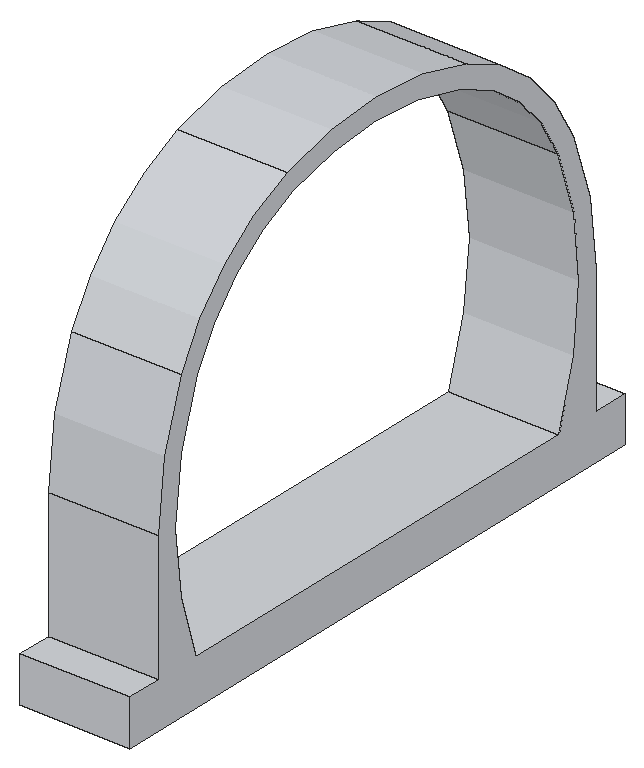
Revit family "SECCION TUNEL", category Armazón estructural, Revit 2019
Family settings
  Forma de sección = Sin definir
  Material para comportamiento de modelo = Otro
  Exportar siempre como geometría = No
  Número OmniClass = 23.25.30.11.14.14
  Título OmniClass = Beams
  Siempre vertical = Sí
  Corte con vacíos al cargar = No
  Representación simbólica = Desde familia
  Compartido = No
  Mostrar corte previo de familia en vistas de plano = Sí
Parameters
  Length [instance] = 5.3000 m
Reference planes (m)
  plane 1 "Centro (Frontal/Posterior)": y = 0
  plane 2 "Alzado de centro": z = 0
  plane 3 "Centro (Izquierda/Derecha)": x = 1.15
  plane 4 "Izquierda": x = 1.15
  plane 5 "Derecha": x = 1.15
  plane 6: y = 6.7708
  plane 7: y = -6.7708
  plane 8: z = 0
  plane 9: z = -1
Forms (m)
  Extrusion 1, solid, detail levels medium+fine
    sketch origin (1.15, 0, 0) x (0, 1, 0) y (0, 0, 1)
      loop
        arc (5.970759, 2.804) -> (5.804824, 4.280891) -> (5.34361, 5.693698) r 7.31
        arc (5.34361, 5.693698) -> (4.171056, 7.334591) -> (2.445621, 8.378762) r 5
        arc (2.445621, 8.378762) -> (0, 8.8) -> (-2.445621, 8.378762) r 7.31
        arc (-2.445621, 8.378762) -> (-4.171056, 7.334591) -> (-5.34361, 5.693698) r 5
        arc (-5.34361, 5.693698) -> (-5.804824, 4.280891) -> (-5.970759, 2.804) r 7.31
        line (-5.970759, 2.804) -> (-5.970759, 0) -> (-6.770768, 0) -> (-6.770768, -1) -> (6.770751, -1) -> (6.770751, 0) -> (5.970759, 0) -> (5.970759, 2.804)
      loop
        line (-4.954298, 0) -> (4.954298, 0)
        arc (4.954298, 0) -> (5.521074, 2.757955) -> (4.93224, 5.511285) r 6.86
        arc (4.93224, 5.511285) -> (3.865215, 7.004498) -> (2.29507, 7.954693) r 4.55
        arc (2.29507, 7.954693) -> (0, 8.35) -> (-2.29507, 7.954693) r 6.86
        arc (-2.29507, 7.954693) -> (-3.865215, 7.004498) -> (-4.93224, 5.511285) r 4.55
        arc (-4.93224, 5.511285) -> (-5.521074, 2.757955) -> (-4.954298, 0) r 6.86
    from -2.4 to 0
Dimensions and locks (m)
  Extrusion 1 to plane 1 "Centro (Frontal/Posterior)" = 6.770768 m
  plane 1 "Centro (Frontal/Posterior)" to Extrusion 1 = 6.770751 m
  aligned and locked: level to plane 2 "Alzado de centro"
